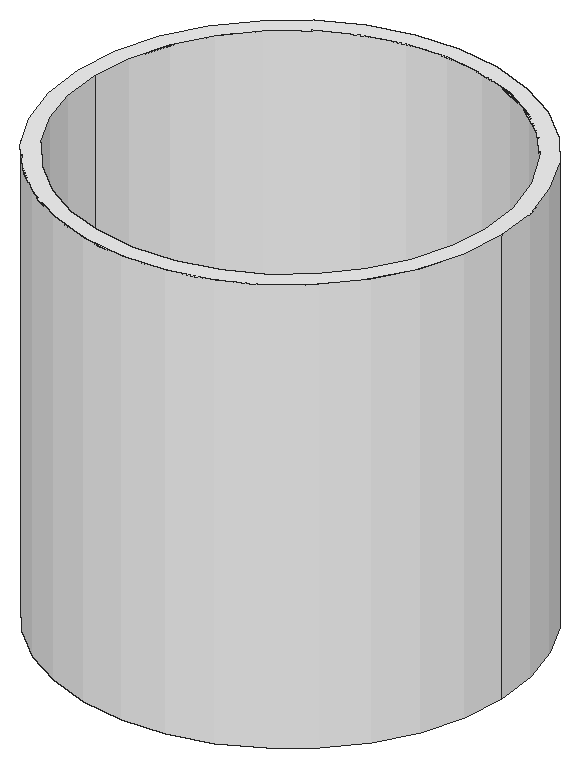
Revit family "Deca_Bica para lavatório mesa redonda baixa_Deca You_1790.104", category Plumbing Fixtures, host Face, Revit 2020
Family settings
  Host = Face
  Round Connector Dimension = Use Radius
  Part Type = Normal
  Cut with Voids When Loaded = No
  Shared = No
  Room Calculation Point = No
Parameters (values of type "1790.C104_Cromado")
  WFU = 0
  Vazão na Pressão mín. (L/min) = ""
  Vazão na Pressão máx. (L/min) = ""
  URL = "www.deca.com.br"
  Tipo de rosca de saída = "-"
  Tipo de rosca de entrada = "BSP"
  Tipo de mecanismo utilizado = "Não Possui"
  Tipo de dispositivo economizador = "Decacomfort"
  Segmento = "Luxo"
  Saída de Esgoto = "-"
  Raio Água Fria = 0.00 m  # constant formula
  Raio Ponto de Esgoto = 0.00 m  # constant formula
  Pressão mín. funcionamento = ""
  Pressão mín. Aquec. Passagem = "-"
  Pressão mín. Aquec. Acúmulo = "-"
  Pressão máx. funcionamento = ""
  Peso Líquido (Kg) = 0
  Norma = "Não possui"
  Model = "1790.C104"
  Material = Deca_Cromado
  Manufacturer = "DECA"
  Linha = "Deca You"
  Itens de Instalação = "Mangeira Flexivel"
  Informações Complementares = ""
  Diâmetro Água Fria = 2 * Raio Água Fria  # 0.00 m
  Diâmetro Ponto de Esgoto = 2 * Raio Ponto de Esgoto  # 0.00 m
  Description = ""
  Default Elevation = 0.00 m
  Código Pai = "1790.C104"
  Criado por = "quattroD"
  Cores Componente = ""
  Cor Secundária = "-"
  Cor Principal = "Cromado"
  Cor Interna = ""
  Consumo = "-"
  Composição Componente = ""
  Composição Básica = "Liga de Cobre (Latão),Plásticos de Engenharia e Elastômeros"
  Composição Assento = ""
  Composição Anel Vedação = ""
  Categoria = "Bica Lavatório / Banheiro"
  CWFU = 0
  Atendimento ao Cliente = "0800-0117073"
  Assembly Code = ""
  Aprovado por = "quattroD"
  Acompanha o Produto = "Restritor de Vazão Deca Comfort"
Types (7, lengths in m): name | Model | Material | Código Pai | Cor Principal
  1790.C104_Cromado | "1790.C104" | Deca_Cromado | "1790.C104" | "Cromado"
  1790.BL104.MT_Black Matte | "1790.BL104.MT" | Deca_Black Matte | "1790.BL104.MT" | "Black Matte"
  1790.GF104.MT_Antracite | "1790.GF104.MT" | Deca_Antracite | "1790.GF104.MT" | "Antracite Dark"
  1790.INX104_Inox | "1790.INX104" | Deca_Inox | "1790.INX104" | "Inox"
  1790.MR104.MT_Brown Matte | "1790.MR104.MT" | Deca_Brown Matte | "1790.MR104.MT" | "BROWN MATTE"
  1790.SM104.MT_Summer Gold | "1790.SM104.MT" | Deca_Summer Gold | "1790.SM104.MT" | "SUMMER GOLD"
  1790.BR104.MT_Dynamic White | "1790.BR104.MT" | Deca_Dynamic White | "1790.BR104.MT" | "Dynamic White"
Reference planes (m)
  plane 1 "Center (Front/Back)": y = 0
  plane 2: z = 0
  plane 3 "Center (Left/Right)": x = -0.001415
  plane 4: y = 0.025
  plane 5: x = 0.023585
  plane 6: x = -0.026415
  plane 7: y = -0.025
  plane 8: z = 0.264155
  plane 9: z = 0.157643
Forms (m)
  Extrusion 1, solid, material "Deca_Cromado" <- "Material"
    sketch origin (0.000447, -0.000083, -0.054) x (-1, 0, 0) y (0, 1, 0)
      loop
        circle (0.001922, 0.0002) r 0.010325
      loop
        circle (0.001922, 0.0002) r 0.00955
    from -0.021699 to -0.001378
Lines and regions (m)
  Masking region 1
    outline origin (-0.485079, -0.074133, 0) x (1, 0, 0) y (0, 1, 0)
      loop
        arc (0.49399, 0.051365) -> (0.483665, 0.099133) -> (0.47334, 0.051365) r 0.025
        line (0.47334, 0.051365) -> (0.47334, -0.076481)
        spline (0.47334, -0.076481) -> (0.473692, -0.079152) -> (0.474724, -0.081641) -> (0.476365, -0.083779) -> (0.478504, -0.085418) -> (0.480995, -0.086449) -> (0.483668, -0.0868) -> (0.486341, -0.086447) -> (0.488832, -0.085415) -> (0.49097, -0.083773) -> (0.49261, -0.081635) -> (0.49364, -0.079145) -> (0.49399, -0.076473)
        line (0.49399, -0.076473) -> (0.49399, 0.051365)
  Masking region 2
    outline origin (-0.485296, 0, -0.285605) x (1, 0, 0) y (0, 0, 1)
      loop
        arc (0.494196, 0.539416) -> (0.483881, 0.54976) -> (0.473546, 0.539435) r 0.010325
        line (0.473546, 0.539435) -> (0.473546, 0.480252) -> (0.473546, 0.292605) -> (0.458871, 0.292605) -> (0.458871, 0.285605) -> (0.505811, 0.285605) -> (0.508871, 0.285605) -> (0.508871, 0.292605) -> (0.494196, 0.292605) -> (0.494196, 0.464105) -> (0.494196, 0.539416)
  Masking region 3
    outline origin (-0.001415, 0.69505, -0.284611) x (0, 1, 0) y (0, 0, 1)
      loop
        line (-0.705272, 0.291311) -> (-0.719947, 0.291311) -> (-0.719947, 0.284611) -> (-0.682962, 0.284611) -> (-0.669947, 0.284611) -> (-0.669947, 0.291311) -> (-0.684622, 0.291311) -> (-0.684622, 0.463111)
        arc (-0.684622, 0.463111) -> (-0.768822, 0.548754) -> (-0.855883, 0.46602) r 0.085655
        line (-0.855883, 0.46602) -> (-0.8567, 0.442615) -> (-0.846381, 0.442255) -> (-0.836063, 0.441894) -> (-0.835241, 0.465411)
        arc (-0.835241, 0.465411) -> (-0.769127, 0.528106) -> (-0.705272, 0.463111) r 0.065005
        line (-0.705272, 0.463111) -> (-0.705272, 0.291311)
  symbolic lines
    curve 1: line (0.00891, 0, 0) -> (0.00891, -0.022768, 0)
    curve 2: line (-0.01174, 0, 0) -> (-0.01174, -0.022768, 0)
    curve 3: arc (0.00891, 0, 0) -> (-0.001415, 0.010325, 0) -> (-0.01174, 0, 0) r 0.010325
    curve 4: arc (0.00891, -0.002993, 0) -> (-0.001415, 0.01075, 0) -> (-0.01174, -0.002993, 0) r 0.01075
    curve 5: circle (-0.001415, 0, 0) r 0.00955 normal (0, 0, 1)
    curve 6: spline (-0.011749, 0, 0.157643) -> (-0.011398, 0, 0.15755) -> (-0.010366, 0, 0.157463) -> (-0.008725, 0, 0.157389) -> (-0.006587, 0, 0.157331) -> (-0.004097, 0, 0.157295) -> (-0.001424, 0, 0.157283) -> (0.001248, 0, 0.157295) -> (0.003738, 0, 0.157331) -> (0.005876, 0, 0.157389) -> (0.007517, 0, 0.157463) -> (0.008549, 0, 0.15755) -> (0.008901, 0, 0.157643)
    curve 7: spline (0.008901, 0, 0.157643) -> (0.008549, 0, 0.157737) -> (0.007517, 0, 0.157823) -> (0.005876, 0, 0.157898) -> (0.003738, 0, 0.157955) -> (0.001248, 0, 0.157991) -> (-0.001424, 0, 0.158004) -> (-0.004097, 0, 0.157991) -> (-0.006587, 0, 0.157955) -> (-0.008725, 0, 0.157898) -> (-0.010366, 0, 0.157823) -> (-0.011398, 0, 0.157737) -> (-0.011749, 0, 0.157643)
    curve 8: line (-0.011749, 0, 0.007) -> (0.008901, 0, 0.007)
    curve 9: line (-0.001415, 0.010428, 0.0067) -> (-0.001415, -0.010222, 0.0067)
Dimensions and locks (m)
  aligned and locked: host face to plane 2
  aligned and locked: level to host face
Connectors (m)
  piping at (-0.001478, 0.000113, -0.054), driven by "Raio Água Fria"
    settings: on free form element, index 1, connector diameter 0", connector inside diameter 24", connector length 0.00 m, flow factor 0, pipe flow 0 GPM, pressure drop 0.00 psi, fitting loss kfactor 0, connector angle 0.00°, fixture units 0, engagement length 0.00 m, angle of deflection 0.00°, flow configuration 3, flow direction 1, fitting loss method 4, system type 20, joint type 0, gender type 0, connector reference index -1, connector utility 0, adjustable connector no, is connector primary yes, connector description ""
